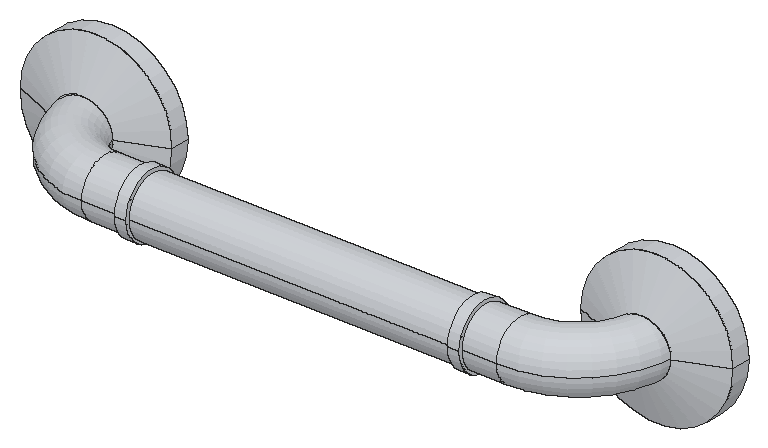
Revit family
Parameters
  Weight Limit = 0
  Warranty Duration (Years) = 0
  Unit Weight = 2.87
  Unit Length = 1' - 0"
  URL = "http://www.pontegiulio.com"
  Trim Radius = 0' - 1 5/8"
  Specification = "http://www.arcat.com/sd/clients/pontegiu.html?coid=43483"
  Send Message = "http://www.arcat.com/users.pl?action=UserEmail&company=Ponte%20Giulio&coid=43483&rep=132&fax=877-766-8306&mf="
  Sales Information = "http://www.pontegiulio.it/us/info.php"
  Revision = "R1_01-2010"
  Return Radius = 0' - 1 9/16"
  Product Properties = "http://www.pgdb.it/schede/us/G16JASxx01_us.pdf"
  Product Data = "http://www.arcat.com/arcatcos/cos43/arc43483.html"
  Model = "Grab Bar as Specified in 10 28 13"
  Manufacturer's Notes = ""
  Manufacturer Website = "http://www.pontegiulio.com"
  Manufacturer Phone - Toll Free = "877-766-8301 "
  Manufacturer Fax = "877-766-8306"
  Manufacturer Address = "W241 S4021 Rockwood Circle, Waukesha, WI 53189"
  Manufacturer = "Ponte Giulio"
  Maintenance Schedule (Months) = 0
  Keynote = "10 28 13"
  Installation-Fabrication = ""
  Installation Phase = ""
  Green Building-LEED = "http://www.arcat.com/green/clients/leed_data_43483.html"
  Expected Lifespan (Years) = 0
  Drawn By = "Robert S. Weygant, CSI, CDT, SCIP"
  Diameter = 0' - 1 1/4"
  Description = "Grab Bar as Specified in 10 28 13"
  Default Elevation = 2' - 0"
  Copyright = "2010 ARCAT, Inc"
  Construction Details = ""
  Clear Space From Wall = 0' - 1 1/2"
  Building Codes = ""
  Bath Fixture Material [instance] = none
  Bath Fixture Accent [instance] = none
  Assembly Code = "C1030200"
  AK_Code Compliance = "ADA"
Reference planes (in)
  plane 1 "Center (Front/Back)": y = 0
  plane 2: z = 0
  plane 3 "Center (Left/Right)": x = 0
  plane 4: x = 12
  plane 5: y = -1.5
  plane 6 "Center Elevation": z = 24
  plane 7: y = -2.125
  plane 8: x = 5.68157
  plane 9: y = -2.875
  plane 10: y = -1.375
  plane 11: x = 2.3125
  plane 12: x = 2.5625
  plane 13: x = 9.4375
  plane 14: x = 9.6875
Forms (in)
  Revolve 1, solid, material <- "Bath Fixture Material"
    sketch origin (0, 0, 24) x (1, 0, 0) y (0, 1, 0)
      loop
        line (0, 0) -> (0, -0.8125) -> (0.625, -0.8125) -> (1.625, -0.40625) -> (1.625, 0) -> (0, 0)
      axis (0, -0.8125) -> (0, 0)
    angle from 0 to 360
  Revolve 2, solid, material <- "Bath Fixture Material"
    sketch origin (48, 0, 24) x (1, 0, 0) y (0, 1, 0)
      loop
        line (-36, 0) -> (-36, -0.8125) -> (-35.375, -0.8125) -> (-34.375, -0.40625) -> (-34.375, 0) -> (-36, 0)
      axis (-36, -0.8125) -> (-36, 0)
    angle from 0 to 360
  Sweep 3, solid, material <- "Bath Fixture Material"
    path in 3D
      loop
        line (0, 0, 24) -> (0, -0.5625, 24)
        arc (0, -0.5625, 24) -> (0.45765, -1.66735, 24) -> (1.5625, -2.125, 24) r 1.5625
        line (1.5625, -2.125, 24) -> (2.3125, -2.125, 24)
    profile origin (0, -0.28125, 24) x (1, 0, 0) y (0, 0, 1)
      loop
        circle (0, 0) r 0.625
  Sweep 4, solid, material <- "Bath Fixture Material"
    path in 3D
      loop
        line (9.6875, -2.125, 24) -> (10.4375, -2.125, 24)
        arc (10.4375, -2.125, 24) -> (11.54235, -1.66735, 24) -> (12, -0.5625, 24) r 1.5625
        line (12, -0.5625, 24) -> (12, 0, 24)
    profile origin (12, -0.28125, 24) x (-1, 0, 0) y (0, 0, 1)
      loop
        circle (0, 0) r 0.625
  Extrusion 5, solid, material <- "Bath Fixture Accent"
    sketch origin (0, 0, 0) x (0, 1, 0) y (0, 0, 1)
      loop
        circle (-2.125, 24) r 0.625
    from 2.5625 to 9.4375
  Extrusion 6, solid, material <- "Bath Fixture Material"
    sketch origin (0.75, 0, 0) x (0, 1, 0) y (0, 0, 1)
      loop
        circle (-2.125, 24) r 0.6875
    from 1.5625 to 1.8125
  Extrusion 7, solid, material <- "Bath Fixture Material"
    sketch origin (-0.75, 0, 0) x (0, 1, 0) y (0, 0, 1)
      loop
        circle (-2.125, 24) r 0.6875
    from 10.1875 to 10.4375
Lines and regions (in)
  model lines
    curve 1: line (0, 0, 24) -> (0, -0.5625, 24)
    curve 2: line (1.5625, -2.125, 24) -> (10.4375, -2.125, 24)
    curve 3: line (12, -0.5625, 24) -> (12, 0, 24)
    curve 4: arc (0, -0.5625, 24) -> (0.45765, -1.66735, 24) -> (1.5625, -2.125, 24) r 1.5625
    curve 5: arc (12, -0.5625, 24) -> (11.54235, -1.66735, 24) -> (10.4375, -2.125, 24) r 1.5625
    curve 10: line (1.5625, -2.125, 24) -> (2.3125, -2.125, 24)
    curve 11: line (10.4375, -2.125, 24) -> (9.6875, -2.125, 24)
  sketch lines
    curve 6: line (0, 0, 24) -> (0, -0.5625, 24)
    curve 7: arc (0, -0.5625, 24) -> (0.45765, -1.66735, 24) -> (1.5625, -2.125, 24) r 1.5625
    curve 8: line (12, -0.5625, 24) -> (12, 0, 24)
    curve 9: arc (12, -0.5625, 24) -> (11.54235, -1.66735, 24) -> (10.4375, -2.125, 24) r 1.5625
    curve 12: line (1.5625, -2.125, 24) -> (2.3125, -2.125, 24)
    curve 13: line (10.4375, -2.125, 24) -> (9.6875, -2.125, 24)
Dimensions and locks (in)
  "Unit Length": plane 3 "Center (Left/Right)" to plane 4  (x2)
  locked: Revolve 2 sketch curve to Revolve 2 sketch curve at 0.8125
  "Clear Space From Wall": plane 5 to plane 1 "Center (Front/Back)"
  locked: plane 5 to plane 7 at 0.625
  locked: Revolve 1 sketch curve to Revolve 1 sketch curve at 0.8125
  locked: plane 11 to plane 12 at 0.25
  locked: plane 13 to plane 14 at 0.25
  locked: plane 3 "Center (Left/Right)" to plane 11 at 2.3125
  locked: plane 4 to plane 14 at 2.3125
  aligned and locked: plane 1 "Center (Front/Back)" to Revolve 2 sketch curve
  aligned and locked: Revolve 2 sketch curve to plane 4
  aligned and locked: plane 1 "Center (Front/Back)" to Revolve 1 sketch curve
  aligned and locked: Revolve 1 sketch curve to plane 3 "Center (Left/Right)"
  aligned and locked: plane 6 "Center Elevation" to Revolve 2
  aligned and locked: plane 6 "Center Elevation" to Revolve 1
  aligned and locked: Extrusion 6 to Extrusion 5
  aligned and locked: Extrusion 6 to plane 12
  aligned and locked: Extrusion 6 to Sweep 3
  aligned and locked: Extrusion 5 to Extrusion 7
  aligned and locked: Extrusion 5 to plane 13
  aligned and locked: plane 13 to Extrusion 7
  aligned and locked: Extrusion 7 to Sweep 4
  aligned and locked: Extrusion 7 to curve 11
  aligned and locked: Extrusion 7 to plane 14
Automatic sketch dimensions
  Revolve 1 sketch curve to plane 3 "Center (Left/Right)" = 0' - 0"
  plane 3 "Center (Left/Right)" to Revolve 1 sketch curve = 0' - 0 5/8"
  plane 9 to Revolve 1 sketch curve = 8' - 3.78132"
  Revolve 1 sketch curve to Revolve 1 sketch curve = 0' - 0 13/32"
  Revolve 1 sketch curve to plane 1 "Center (Front/Back)" = 2' - 0"
  Revolve 2 sketch curve to plane 4 = 0' - 0"
  Revolve 2 sketch curve to Revolve 2 sketch curve = 0' - 0 5/8"
  plane 1 "Center (Front/Back)" to Revolve 2 sketch curve = 0' - 0 13/32"
  Revolve 2 sketch curve to Revolve 2 sketch curve = 0' - 1"
  plane 9 to Revolve 2 sketch curve = 8' - 3.84382"
  Revolve 2 sketch curve to plane 1 "Center (Front/Back)" = 2' - 0"
  curve 3 to plane 1 "Center (Front/Back)" = 0' - 0"
  curve 1 to plane 1 "Center (Front/Back)" = 0' - 0"
  curve 3 to plane 4 = 0' - 0"
  curve 1 to plane 3 "Center (Left/Right)" = 0' - 0"
  Sweep 3 sketch curve to profile plane = 0' - 0"  (x2)
  Sweep 4 sketch curve to profile plane = 0' - 0"  (x2)
  Extrusion 5 sketch curve to plane 6 "Center Elevation" = 0' - 0"
  Extrusion 5 sketch curve to plane 7 = 0' - 0"
  Extrusion 6 sketch curve to plane 6 "Center Elevation" = 0' - 0"
  Extrusion 6 sketch curve to plane 7 = 0' - 0"
  Extrusion 7 sketch curve to plane 6 "Center Elevation" = 0' - 0"
  Extrusion 7 sketch curve to plane 7 = 0' - 0"
  curve 11 to plane 7 = 0' - 0"
  Revolve 1 sketch curve to Revolve 1 sketch curve = 0' - 1"
  plane 1 "Center (Front/Back)" to curve 4 = 0' - 0 9/16"
  curve 4 to curve 10 = 0' - 0 3/4"
  plane 1 "Center (Front/Back)" to curve 5 = 0' - 0 9/16"
  curve 11 to curve 5 = 0' - 0 3/4"
  radius of Sweep 3 sketch curve = 0' - 0 5/8"
  radius of Sweep 4 sketch curve = 0' - 0 5/8"
  radius of Extrusion 5 sketch curve = 0' - 0 5/8"
  radius of Extrusion 6 sketch curve = 0' - 0 11/16"
  radius of Extrusion 7 sketch curve = 0' - 0 11/16"
